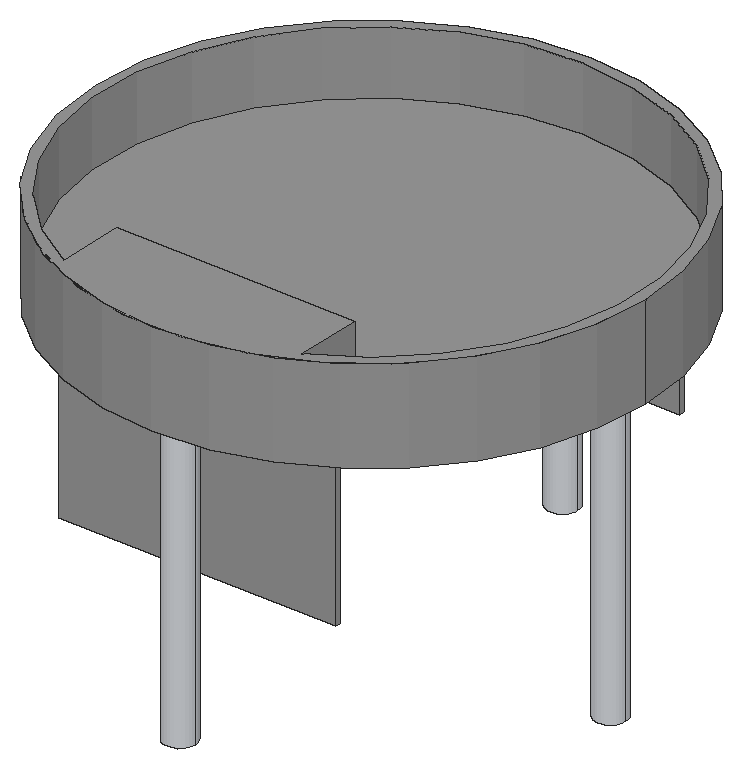
Revit family "Nivellierbare Kassette mit Schnurauslass, RKSR, 20-25, 4", category Generic Models, Revit 2015
Parameters (values of type "RKS2 R4 M25")
  URL = "http://www.obo-bettermann.com"
  Material = Brass, Soft Yellow, Welded
  Manufacturer Art.No. = "7409254"
  Manufacturer = "OBO Bettermann"
  HeightCalc = if(Height < 110 mm, 110 mm, (if(Height > 155 mm, 155 mm, Height)))  # 150 mm
  Height 1 = 36.5 mm
  Height = 150 mm
  GTIN = "4012195867364"
  Diameter = 214 mm
  Cut depth = 25 mm
  Article Type = "RKS2 R4 M25"
Types (5, lengths in mm): name | Material | Manufacturer Art.No. | GTIN | Cut depth | Article Type
  (no name) | Brass, Soft Yellow, Welded | "7409254" | "4012195867364" | 25 | "RKS2 R4 M25"
  RKS2 R4 V20 | Stainless Steel, Polished | "7409258" | "4012195867395" | 20 | "RKS2 R4 V20"
  RKS2 R4 V25 | Stainless Steel | "7409260" | "4012195867401" | 25 | "RKS2 R4 V25"
  RKS2 R4 M20 | Brass, Soft Yellow, Welded | "7409252" | "4012195867357" | 20 | "RKS2 R4 M20"
  RKS2 R4 M25 | Brass, Soft Yellow, Welded | "7409254" | "4012195867364" | 25 | "RKS2 R4 M25"
Reference planes
  plane 1 "Center (Front/Back)": y = 0
  plane 2: z = 0
  plane 3 "Center (Left/Right)": x = 0
  plane 4: z = 113.5
  plane 5: y = 99.5
  plane 6: y = -99.5
  plane 7: z = 150
  plane 8: z = 54.7
  plane 9: z = 125
Forms (mm)
  Extrusion 1, solid
    sketch origin (0, 0, 0) x (1, 0, 0) y (0, 1, 0)
      loop
        circle (0, 93.25) r 6
      loop
        circle (0, -93.25) r 6
      loop
        circle (-93.25, 0) r 6
      loop
        circle (93.25, 0) r 6
    from 0 to 113.5
  Extrusion 2, solid, material "Brass, Soft Yellow, Welded" <- "Material"
    sketch origin (0, 0, 0) x (1, 0, 0) y (0, 1, 0)
      loop
        line (-54, 85) -> (-54, 83) -> (54, 83) -> (54, 85) -> (-54, 85)
      loop
        line (-54, -83) -> (-54, -85) -> (54, -85) -> (54, -83) -> (-54, -83)
    from 54.7 to 113.5
  Extrusion 3, solid, material "Brass, Soft Yellow, Welded" <- "Material"
    sketch origin (0, 0, 0) x (1, 0, 0) y (0, 1, 0)
      loop
        circle (0, 0) r 107
    from 113.5 to 150
  Extrusion 4, void
    sketch origin (0, 0, 0) x (1, 0, 0) y (0, 1, 0)
      loop
        line (-46.5, -91.906) -> (-46.5, -66) -> (46.5, -66) -> (46.5, -91.906)
        arc (46.5, -91.906) -> (0, 103) -> (-46.5, -91.906) r 103
    from 125 to 150
Cuts and joins
  Extrusion 4 cuts Extrusion 1
  Extrusion 4 cuts Extrusion 2
  Extrusion 4 cuts Extrusion 3
Dimensions and locks
  "HeightCalc": plane 7 to level
  "Height 1": plane 7 to plane 4
  locked: Extrusion 2 sketch curve to Extrusion 2 sketch curve at 108  (x2)
  locked: Extrusion 2 sketch curve to Extrusion 2 sketch curve at 2  (x2)
  locked: plane 4 to plane 8 at 58.8
  "Cut depth": plane 7 to plane 9
  locked: plane 5 to plane 6 at 199
  equal spacing: plane 5, plane 1 "Center (Front/Back)", plane 6, locked at 99.5 each
  locked: plane 1 "Center (Front/Back)" to Extrusion 1 sketch curve at 93.25
  locked: Extrusion 1 sketch curve to plane 1 "Center (Front/Back)" at 93.25
  locked: Extrusion 1 sketch curve to plane 3 "Center (Left/Right)" at 93.25
  locked: plane 3 "Center (Left/Right)" to Extrusion 1 sketch curve at 93.25
  equal spacing: Extrusion 2 sketch curve, plane 3 "Center (Left/Right)", Extrusion 2 sketch curve, locked at 54 each  (x2)
  locked: Extrusion 2 sketch curve to Extrusion 2 sketch curve at 166
  equal spacing: Extrusion 2 sketch curve, plane 1 "Center (Front/Back)", Extrusion 2 sketch curve, locked at 83 each
  locked: Extrusion 4 sketch curve to Extrusion 4 sketch curve at 93
  equal spacing: Extrusion 4 sketch curve, plane 3 "Center (Left/Right)", Extrusion 4 sketch curve, locked at 46.5 each
  locked: Extrusion 3 to Extrusion 4 sketch curve at 41
  diameter of Extrusion 1 sketch curve = 12 mm  (x4)
  "Diameter": diameter of Extrusion 3 sketch curve
  radius of Extrusion 4 sketch curve = 103 mm
  aligned and locked: level to plane 2
  aligned and locked: plane 4 to Extrusion 1
  aligned and locked: Extrusion 1 to Extrusion 2
  aligned and locked: Extrusion 2 to plane 8
  aligned and locked: Extrusion 3 to Extrusion 1
  aligned and locked: plane 7 to Extrusion 3
  aligned and locked: cut or joined group of Extrusion 3, Extrusion 4 to Extrusion 4
  aligned and locked: Extrusion 4 to plane 9
Automatic sketch dimensions
  Extrusion 1 sketch curve to plane 3 "Center (Left/Right)" = 0 mm  (x2)
  plane 1 "Center (Front/Back)" to Extrusion 1 sketch curve = 0 mm  (x2)
  plane 1 "Center (Front/Back)" to Extrusion 3 sketch curve = 0 mm
  Extrusion 3 sketch curve to plane 3 "Center (Left/Right)" = 0 mm
  Extrusion 4 sketch curve to plane 3 "Center (Left/Right)" = 0 mm
  plane 1 "Center (Front/Back)" to Extrusion 4 sketch curve = 0 mm
